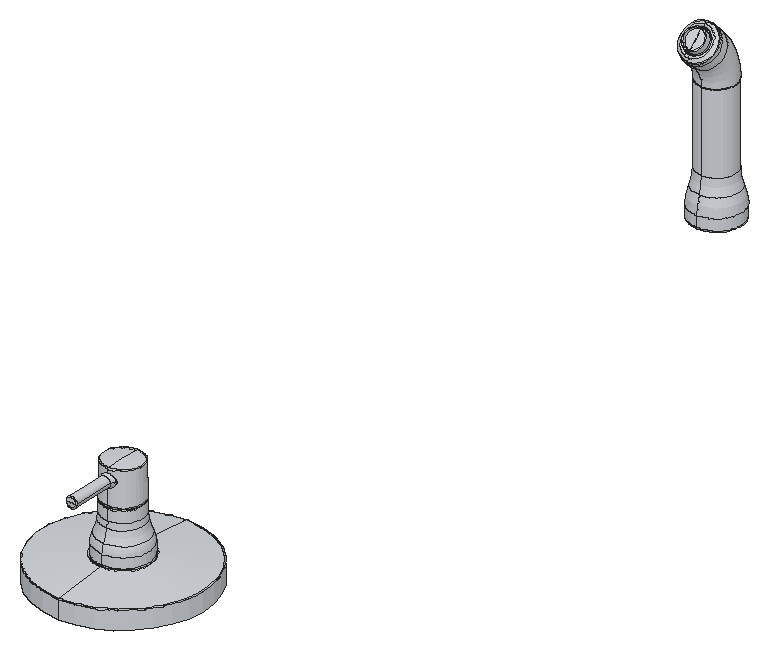
Revit family "Shower-Shower_Trim-KOHLER-Toobi-K-TLS8978", category Plumbing Fixtures, host Face, Revit 2015
Parameters (values of type "CP-Polished Chrome")
  Width = 6 1/2"  # constant formula
  Waste Water Outlet = "Waste Water Outlet"  # constant formula
  Waste Connection = 1 = 0  # no
  Vent Connection = 1 = 0  # no
  URL = "https://www.us.kohler.com/us/"
  Type = 1
  Distance To Showerarm [instance] = 30"
  Product Page URL = "http://www.us.kohler.com/us/catalog/productDetails.jsp?productNumber=TLS8978-4"
  Product Name = "Toobi"  # constant formula
  Product Documentation Link = "https://www.us.kohler.com/webassets/kpna/catalog/pdf/en/K-TLS8978-4_spec.pdf"
  Panel Thickness = 0"
  Model = if(Type = 1, "K-TLS8978-4-CP", if(Type = 2, "K-TLS8978-4-BN", "NA"))  # "K-TLS8978-4-CP"
  Material = "Premium Metal Construction"  # constant formula
  MasterFormat 2004 = "22.41.23"  # constant formula
  MasterFormat 1995 = "15410"  # constant formula
  Manufacturer Address = "444 Highland Dr, Kohler, WI 53044"  # constant formula
  Manufacturer = "KOHLER Co."  # constant formula
  Length = 6 15/16"  # constant formula
  Tempered Water Inlet = "Tempered Water Inlet"  # constant formula
  Height = 6 1/2"  # constant formula
  HW Connection = 1 = 1  # yes
  Finish = Kohler-Metal-CP-Polished_Chrome
  Environmental Product Declaration = ""
  Drain Included = 1 = 0  # no
  Description = "Rite-Temp shower trim set, less showerhead"  # constant formula
  Default Elevation = 42"
  Declare Label = ""
  Date Modified = "01/21/2019"  # constant formula
  Date Created = "01/21/2019"  # constant formula
  Copyright = "Copyright KOHLER Co."  # constant formula
  Contact Us = "https://www.us.kohler.com/us/static/contact.jsp"
  Cold Water Inlet = "Cold Water Inlet"  # constant formula
  CW Connection = 1 = 0  # no
  Assembly Code = "D2010700"
  ADA Compliant = 1 = 1  # yes
Types (3): name | Type | Model | Finish
  (no name) | 1 | "K-TLS8978-4-CP" | Kohler-Metal-CP-Polished_Chrome
  CP-Polished Chrome | 1 | "K-TLS8978-4-CP" | Kohler-Metal-CP-Polished_Chrome
  BN-Vibrant Brushed Nickel | 2 | "K-TLS8978-4-BN" | Kohler-Metal-BN-Vibrant_Brushed_Nickel
Reference planes (in)
  plane 1 "Center (Front/Back)": y = 0
  plane 2: z = 0
  plane 3 "Center (Left/Right)": x = 0
  plane 4: y = 30
  plane 5: x = -3.25
  plane 6: x = 3.25
  plane 7: y = -3.25
  plane 8: y = 3.25
  plane 9: z = 6.9375
Dimensions and locks (in)
  "Distance To Showerarm": plane 1 "Center (Front/Back)" to plane 4
  "Width": plane 5 to plane 6
  "Height": plane 8 to plane 7
  "Length": plane 9 to plane 2
  aligned and locked: host face to plane 2
  aligned and locked: host face to level
  aligned and locked: nested 2 to plane 4
Automatic sketch dimensions
  host sketch curve to host sketch curve = 96"  (x2)
Nested families (in)
  nested 1: "K-TLS8978-4_Handle" at (0, 0, 0), type "K-TLS8978-4_Handle"
  nested 2: "K-TLS8978-4_Shower arm" at (0, 30, 0), type "K-TLS8978-4_Shower arm"
Connectors (in)
  piping at (0, 30, 0), diameter 0.5, driven by "HW Connection", driven by "Tempered Water Inlet"
    settings: on nested 2, index 1, connector inside diameter 24", connector length 0", flow factor 0, pipe flow 0 GPM, pressure drop 0.00 psi, fitting loss kfactor 0, connector angle 0.00°, fixture units 0, engagement length 0", angle of deflection 0.00°, flow configuration 0, flow direction 1, fitting loss method 0, system type 19, joint type 0, gender type 0, connector reference index -1, connector utility 1, adjustable connector no, is connector primary yes, connector description "Tempered Water Inlet"
Definition of nested family "K-TLS8978-4_Handle"
  Parameters (values of type "K-TLS8978-4_Handle")
    Material = none
  Reference planes (in)
    plane 1 "Center (Front/Back)": y = 0
    plane 2: z = 0
    plane 3 "Center (Left/Right)": x = 0
    plane 4: x = -3.25
    plane 5: x = 3.25
    plane 6: y = 3.25
    plane 7: y = -3.25
    plane 8: y = -2.625
    plane 9: z = 4.4375
  Forms (in)
    Revolve 1, solid, material <- "Material", detail levels medium+fine
      sketch origin (0, 0, 0) x (0, 1, 0) y (0, 0, 1)
        loop
          line (0, 0) -> (0, 4.4375)
          arc (0, 4.4375) -> (-0.37282, 4.42622) -> (-0.74427, 4.39242) r 6.16662
          arc (-0.74427, 4.39242) -> (-0.75801, 4.38528) -> (-0.76369, 4.37088) r 0.02209
          line (-0.76369, 4.37088) -> (-0.78714, 3.02787)
          arc (-0.78714, 3.02787) -> (-0.78126, 3.01314) -> (-0.76662, 3.007) r 0.02051
          line (-0.76662, 3.007) -> (-0.68374, 3.007)
          arc (-0.68374, 3.007) -> (-0.69835, 2.98674) -> (-0.7221, 2.979) r 0.04027
          line (-0.7221, 2.979) -> (-0.75776, 2.979)
          arc (-0.75776, 2.979) -> (-0.77897, 2.97032) -> (-0.78802, 2.94927) r 0.03026
          line (-0.78802, 2.94927) -> (-0.79573, 2.50763)
          arc (-0.79573, 2.50763) -> (-0.80172, 2.37529) -> (-0.81504, 2.24348) r 2.38655
          arc (-0.81504, 2.24348) -> (-0.86882, 1.99279) -> (-0.96323, 1.75441) r 1.54891
          arc (-0.96323, 1.75441) -> (-1.02768, 1.57746) -> (-1.05174, 1.39068) r 0.85296
          line (-1.05174, 1.39068) -> (-1.05855, 1.00005)
          arc (-1.05855, 1.00005) -> (-1.05741, 0.95127) -> (-1.0523, 0.90274) r 0.59813
          arc (-1.0523, 0.90274) -> (-1.07326, 0.94941) -> (-1.12132, 0.96693) r 0.06574
          arc (-1.12132, 0.96693) -> (-2.17762, 0.88722) -> (-3.22856, 0.75437) r 21.00602
          arc (-3.22856, 0.75437) -> (-3.2439, 0.74587) -> (-3.25, 0.72942) r 0.02523
          line (-3.25, 0.72942) -> (-3.25, 0) -> (0, 0)
        axis (0, 4.4375) -> (0, 0)
      angle from 0 to 360
    Revolve 2, solid, material <- "Material", detail levels medium+fine
      sketch origin (0, 0, 3.95206) x (1, 0, 0) y (0, 1, 0)
        loop
          line (-0.21, -0.925) -> (-0.21, -2.58764)
          arc (-0.21, -2.58764) -> (-0.20445, -2.60262) -> (-0.19049, -2.61039) r 0.02302
          arc (-0.19049, -2.61039) -> (-0.09552, -2.62134) -> (0, -2.625) r 1.24916
          line (0, -2.625) -> (0, -0.61236) -> (-0.4155, -0.61236)
          arc (-0.4155, -0.61236) -> (-0.34605, -0.6697) -> (-0.2828, -0.73382) r 0.88379
          arc (-0.2828, -0.73382) -> (-0.22882, -0.82271) -> (-0.21, -0.925) r 0.28744
        axis (0, -2.625) -> (0, -0.61236)
      angle from 0 to 360
    Revolve 3, solid, material <- "Material", detail levels coarse
      sketch origin (0, 0, 0) x (0, 1, 0) y (0, 0, 1)
        loop
          line (0, 4.4375) -> (-1.07089, 4.4375) -> (-1.07089, 1) -> (-3.25, 1) -> (-3.25, 0) -> (0, 0) -> (0, 4.4375)
        axis (0, 4.4375) -> (0, 0)
      angle from 0 to 360
    Extrusion 4, solid, material <- "Material", detail levels coarse
      sketch origin (0, 0, 0) x (1, 0, 0) y (0, 0, 1)
        loop
          circle (0, 3.96103) r 0.25
      from 0.64258 to 2.63241
  Cuts and joins
    joined: Revolve 1, Revolve 2
    joined: Revolve 3, Extrusion 4
  Lines and regions (in)
    Masking region 1
      outline origin (0, 0, 0) x (0, 1, 0) y (0, 0, 1)
        loop
          line (0, 0) -> (3.25, 0) -> (3.25, 0.7275)
          arc (3.25, 0.7275) -> (3.24343, 0.74539) -> (3.22677, 0.75464) r 0.02734
          arc (3.22677, 0.75464) -> (2.17766, 0.88722) -> (1.1232, 0.96684) r 21.00602
          line (1.1232, 0.96684) -> (1.05913, 0.96684) -> (1.05174, 1.39068)
          arc (1.05174, 1.39068) -> (1.02768, 1.57746) -> (0.96323, 1.75441) r 0.85296
          arc (0.96323, 1.75441) -> (0.86882, 1.99279) -> (0.81504, 2.24348) r 1.54891
          arc (0.81504, 2.24348) -> (0.80172, 2.37529) -> (0.79573, 2.50763) r 2.38655
          line (0.79573, 2.50763) -> (0.78802, 2.94927)
          arc (0.78802, 2.94927) -> (0.77897, 2.97032) -> (0.75776, 2.979) r 0.03026
          line (0.75776, 2.979) -> (0.7221, 2.979)
          arc (0.7221, 2.979) -> (0.69835, 2.98674) -> (0.68374, 3.007) r 0.04027
          line (0.68374, 3.007) -> (0.76662, 3.007)
          arc (0.76662, 3.007) -> (0.78126, 3.01314) -> (0.78714, 3.02787) r 0.02051
          line (0.78714, 3.02787) -> (0.76369, 4.37088)
          arc (0.76369, 4.37088) -> (0.75801, 4.38528) -> (0.74427, 4.39242) r 0.02209
          arc (0.74427, 4.39242) -> (0.37282, 4.42622) -> (0, 4.4375) r 6.16662
          arc (0, 4.4375) -> (-0.37282, 4.42622) -> (-0.74427, 4.39242) r 6.16662
          arc (-0.74427, 4.39242) -> (-0.75801, 4.38528) -> (-0.76369, 4.37088) r 0.02209
          line (-0.76369, 4.37088) -> (-0.76651, 4.2097)
          arc (-0.76651, 4.2097) -> (-0.83892, 4.17582) -> (-0.91768, 4.16206) r 0.30295
          line (-0.91768, 4.16206) -> (-2.58809, 4.16206)
          arc (-2.58809, 4.16206) -> (-2.60258, 4.15671) -> (-2.6101, 4.14322) r 0.02228
          arc (-2.6101, 4.14322) -> (-2.62127, 4.04793) -> (-2.625, 3.95206) r 1.23419
          arc (-2.625, 3.95206) -> (-2.62127, 3.85618) -> (-2.6101, 3.76089) r 1.23419
          arc (-2.6101, 3.76089) -> (-2.60258, 3.74741) -> (-2.58809, 3.74206) r 0.02228
          line (-2.58809, 3.74206) -> (-0.90181, 3.74206)
          arc (-0.90181, 3.74206) -> (-0.8127, 3.70469) -> (-0.77689, 3.61494) r 0.12494
          line (-0.77689, 3.61494) -> (-0.78714, 3.02787)
          arc (-0.78714, 3.02787) -> (-0.78126, 3.01314) -> (-0.76662, 3.007) r 0.02051
          line (-0.76662, 3.007) -> (-0.68374, 3.007)
          arc (-0.68374, 3.007) -> (-0.69835, 2.98674) -> (-0.7221, 2.979) r 0.04027
          line (-0.7221, 2.979) -> (-0.75776, 2.979)
          arc (-0.75776, 2.979) -> (-0.77897, 2.97032) -> (-0.78802, 2.94927) r 0.03026
          line (-0.78802, 2.94927) -> (-0.79573, 2.50763)
          arc (-0.79573, 2.50763) -> (-0.80172, 2.37529) -> (-0.81504, 2.24348) r 2.38655
          arc (-0.81504, 2.24348) -> (-0.86882, 1.99279) -> (-0.96323, 1.75441) r 1.54891
          arc (-0.96323, 1.75441) -> (-1.02768, 1.57746) -> (-1.05174, 1.39068) r 0.85296
          line (-1.05174, 1.39068) -> (-1.05913, 0.96684) -> (-1.1232, 0.96684)
          arc (-1.1232, 0.96684) -> (-2.1776, 0.88723) -> (-3.22666, 0.75466) r 21.00602
          arc (-3.22666, 0.75466) -> (-3.24336, 0.7454) -> (-3.25, 0.7275) r 0.02747
          line (-3.25, 0.7275) -> (-3.25, 0) -> (0, 0)
    Masking region 2
      outline origin (0, 0, 0) x (1, 0, 0) y (0, 0, 1)
        loop
          line (0, 0) -> (3.25, 0) -> (3.25, 0.72942)
          arc (3.25, 0.72942) -> (3.2439, 0.74587) -> (3.22856, 0.75437) r 0.02523
          arc (3.22856, 0.75437) -> (2.17762, 0.88722) -> (1.12132, 0.96693) r 21.00602
          line (1.12132, 0.96693) -> (1.05913, 0.96693) -> (1.05174, 1.39068)
          arc (1.05174, 1.39068) -> (1.02768, 1.57746) -> (0.96323, 1.75441) r 0.85296
          arc (0.96323, 1.75441) -> (0.86882, 1.99279) -> (0.81504, 2.24348) r 1.54891
          arc (0.81504, 2.24348) -> (0.80172, 2.37529) -> (0.79573, 2.50763) r 2.38655
          line (0.79573, 2.50763) -> (0.78802, 2.94927)
          arc (0.78802, 2.94927) -> (0.77897, 2.97032) -> (0.75776, 2.979) r 0.03026
          line (0.75776, 2.979) -> (0.7221, 2.979)
          arc (0.7221, 2.979) -> (0.69835, 2.98674) -> (0.68374, 3.007) r 0.04027
          line (0.68374, 3.007) -> (0.76662, 3.007)
          arc (0.76662, 3.007) -> (0.78126, 3.01314) -> (0.78714, 3.02787) r 0.02051
          line (0.78714, 3.02787) -> (0.76369, 4.37088)
          arc (0.76369, 4.37088) -> (0.75801, 4.38528) -> (0.74427, 4.39242) r 0.02209
          arc (0.74427, 4.39242) -> (0.37282, 4.42622) -> (0, 4.4375) r 6.16662
          arc (0, 4.4375) -> (-0.37282, 4.42622) -> (-0.74427, 4.39242) r 6.16662
          arc (-0.74427, 4.39242) -> (-0.75801, 4.38528) -> (-0.76369, 4.37088) r 0.02209
          line (-0.76369, 4.37088) -> (-0.78714, 3.02787)
          arc (-0.78714, 3.02787) -> (-0.78126, 3.01314) -> (-0.76662, 3.007) r 0.02051
          line (-0.76662, 3.007) -> (-0.68374, 3.007)
          arc (-0.68374, 3.007) -> (-0.69835, 2.98674) -> (-0.7221, 2.979) r 0.04027
          line (-0.7221, 2.979) -> (-0.75776, 2.979)
          arc (-0.75776, 2.979) -> (-0.77897, 2.97032) -> (-0.78802, 2.94927) r 0.03026
          line (-0.78802, 2.94927) -> (-0.79573, 2.50763)
          arc (-0.79573, 2.50763) -> (-0.80172, 2.37529) -> (-0.81504, 2.24348) r 2.38655
          arc (-0.81504, 2.24348) -> (-0.86882, 1.99279) -> (-0.96323, 1.75441) r 1.54891
          arc (-0.96323, 1.75441) -> (-1.02768, 1.57746) -> (-1.05174, 1.39068) r 0.85296
          line (-1.05174, 1.39068) -> (-1.05913, 0.96693) -> (-1.12132, 0.96693)
          arc (-1.12132, 0.96693) -> (-2.17762, 0.88722) -> (-3.22856, 0.75437) r 21.00602
          arc (-3.22856, 0.75437) -> (-3.2439, 0.74587) -> (-3.25, 0.72942) r 0.02523
          line (-3.25, 0.72942) -> (-3.25, 0) -> (0, 0)
    Masking region 3
      outline origin (0, 0, 0) x (1, 0, 0) y (0, 1, 0)
        loop
          arc (-3.25, 0) -> (-2.2981, -2.2981) -> (0, -3.25) r 3.25
          arc (0, -3.25) -> (2.2981, -2.2981) -> (3.25, 0) r 3.25
          arc (3.25, 0) -> (2.2981, 2.2981) -> (0, 3.25) r 3.25
          arc (0, 3.25) -> (-2.2981, 2.2981) -> (-3.25, 0) r 3.25
    symbolic lines, detail levels medium+fine
      curve 1: line (0, -3.25, 0.7275) -> (0, 3.25, 0.7275)
      curve 2: line (0, 1.05913, 0.96684) -> (0, -1.05913, 0.96684)
      curve 3: line (0, 0.68374, 3.007) -> (0, -0.68374, 3.007)
      curve 4: line (0, 0.7221, 2.979) -> (0, -0.7221, 2.979)
      curve 5: arc (0, -0.77689, 3.61494) -> (0, -0.73741, 3.91172) -> (0, -0.76651, 4.2097) r 1.30714
      curve 6: line (3.25, 0, 0.72942) -> (-3.25, 0, 0.72942)
      curve 7: line (1.05913, 0, 0.96693) -> (-1.05913, 0, 0.96693)
      curve 8: line (0.7221, 0, 2.979) -> (-0.7221, 0, 2.979)
      curve 9: line (0.68374, 0, 3.007) -> (-0.68374, 0, 3.007)
      curve 10: arc (0, 1.0523, 0) -> (-1.047, 0.10554, 0) -> (-0.21002, -1.03113, 0) r 1.0523
      curve 11: arc (0.21002, -1.03113, 0) -> (1.047, 0.10554, 0) -> (0, 1.0523, 0) r 1.0523
      curve 12: arc (0.28179, -0.73728, 0) -> (0, 0.78929, 0) -> (-0.28179, -0.73728, 0) r 0.78929
      curve 13: line (-0.21002, -0.93475, 0) -> (-0.21002, -2.58767, 0)
      curve 14: line (0.21002, -0.93475, 0) -> (0.21002, -2.58767, 0)
      curve 15: arc (-0.18993, -2.61097, 0) -> (-0.09522, -2.62149, 0) -> (0, -2.625, 0) r 1.29292
      curve 16: arc (-0.21002, -2.58767, 0) -> (-0.20431, -2.60306, 0) -> (-0.18993, -2.61097, 0) r 0.02356
      curve 17: arc (0.18993, -2.61097, 0) -> (0.09522, -2.62149, 0) -> (0, -2.625, 0) r 1.29292
      curve 18: arc (0.21002, -2.58767, 0) -> (0.20431, -2.60306, 0) -> (0.18993, -2.61097, 0) r 0.02356
      curve 19: arc (0.28179, -0.73728, 0) -> (0.22852, -0.82969, 0) -> (0.21002, -0.93475, 0) r 0.30757
      curve 20: arc (-0.28179, -0.73728, 0) -> (-0.22852, -0.82969, 0) -> (-0.21002, -0.93475, 0) r 0.30757
  Dimensions and locks (in)
    locked: plane 4 to plane 5 at 6.5
    locked: plane 6 to plane 7 at 6.5
    locked: plane 1 "Center (Front/Back)" to plane 8 at 2.625
    locked: plane 9 to plane 2 at 4.4375
    aligned and locked: plane 2 to level
Definition of nested family "K-TLS8978-4_Shower arm"
  Parameters (values of type "K-TLS8978-4_Shower arm")
    Material = none
  Reference planes (in)
    plane 1 "Center (Front/Back)": y = 0
    plane 2: z = 0
    plane 3 "Center (Left/Right)": x = 0
    plane 4: x = -1
    plane 5: x = 1
    plane 6: z = 6.9375
    plane 7: y = 1
    plane 8: y = -1
    plane 9: y = -1.125
  Forms (in)
    Revolve 1, solid, material <- "Material", detail levels medium+fine
      sketch origin (0, -10, 0) x (0, 1, 0) y (0, 0, 1)
        loop
          line (10, 0) -> (10, 4.99952) -> (9.252, 4.99952) -> (9.252, 1.80357)
          arc (9.252, 1.80357) -> (9.22139, 1.47725) -> (9.13063, 1.16231) r 1.75475
          arc (9.13063, 1.16231) -> (9.03294, 0.82335) -> (9, 0.47213) r 1.88858
          line (9, 0.47213) -> (9, 0.02089)
          arc (9, 0.02089) -> (9.00612, 0.00612) -> (9.02089, 0) r 0.02089
          line (9.02089, 0) -> (10, 0)
        axis (10, 4.99952) -> (10, 0)
      angle from 0 to 360
    Sweep 2, solid, material <- "Material", detail levels medium+fine
      path origin (0, -10, 0) x (0, 1, 0) y (0, 0, 1)
        loop
          line (10, 4.99952) -> (10, 5.04001)
          arc (10, 5.04001) -> (9.8612, 5.7378) -> (9.46593, 6.32936) r 1.82341
          line (9.46593, 6.32936) -> (9.20881, 6.58648)
      profile origin (0, 0, 5.01976) x (0, -1, 0) y (1, 0, 0)
        loop
          circle (0, 0) r 0.748
    Revolve 3, solid, material <- "Material", detail levels medium+fine
      sketch origin (0, -10, 0) x (0, 1, 0) y (0, 0, 1)
        loop
          arc (9.60014, 7.23328) -> (9.52099, 7.22) -> (9.44252, 7.20314) r 1.76937
          arc (9.44252, 7.20314) -> (9.39997, 7.1623) -> (9.41485, 7.10523) r 0.05829
          line (9.41485, 7.10523) -> (9.44804, 7.07204) -> (9.3949, 7.01889) -> (9.32803, 7.08576) -> (9.17565, 7.23815) -> (9.14265, 7.20515) -> (9.2016, 7.1462) -> (8.92534, 6.86995) -> (9.20881, 6.58648) -> (9.73773, 7.11539) -> (9.62965, 7.22348)
          arc (9.62965, 7.22348) -> (9.61605, 7.23187) -> (9.60014, 7.23328) r 0.03471
        axis (9.20881, 6.58648) -> (8.8664, 6.9289)
      angle from 0 to 360
    Revolve 4, solid, material <- "Material", detail levels coarse
      sketch origin (0, 0, 0) x (0, 1, 0) y (0, 0, 1)
        loop
          line (0, 0) -> (0, 4.25) -> (-0.83204, 4.25) -> (-0.83204, 1.75) -> (-1, 1.75) -> (-1, 0) -> (0, 0)
        axis (0, 4.25) -> (0, 0)
      angle from 0 to 360
    Sweep 5, solid, material <- "Material", detail levels coarse
      path origin (0, 0, 0) x (0, 1, 0) y (0, 0, 1)
        loop
          line (-1.1336, 6.9289) -> (-0.4913, 6.28659)
          arc (-0.4913, 6.28659) -> (-0.12768, 5.7424) -> (0, 5.10049) r 1.67739
          line (0, 5.10049) -> (0, 4.25)
      profile origin (0, 0, 4.25) x (0, -1, 0) y (1, 0, 0)
        loop
          circle (0, 0) r 0.83204
    Extrusion 6, solid, material <- "Material", detail levels medium+fine
      sketch origin (0, 0, 0) x (1, 0, 0) y (0, 1, 0)
        loop
          circle (0, 0) r 0.25
      from 0 to 0.06418
  Cuts and joins
    joined: Revolve 1, Sweep 2, Revolve 3
    joined: Revolve 4, Sweep 5
  Lines and regions (in)
    Masking region 1
      outline origin (0, 0, 0) x (0, 1, 0) y (0, 0, 1)
        loop
          line (0, 0) -> (0.97911, 0)
          arc (0.97911, 0) -> (0.99388, 0.00612) -> (1, 0.02089) r 0.02089
          line (1, 0.02089) -> (1, 0.47213)
          arc (1, 0.47213) -> (0.96706, 0.82335) -> (0.86937, 1.16231) r 1.88858
          arc (0.86937, 1.16231) -> (0.77861, 1.47725) -> (0.748, 1.80357) r 1.75475
          line (0.748, 1.80357) -> (0.748, 4.99952)
          arc (0.748, 4.99952) -> (0.56157, 6.00372) -> (-0.00224, 6.85536) r 2.56276
          line (-0.00224, 6.85536) -> (-0.37037, 7.2235)
          arc (-0.37037, 7.2235) -> (-0.38397, 7.23189) -> (-0.39988, 7.2333) r 0.03471
          arc (-0.39988, 7.2333) -> (-0.47903, 7.22002) -> (-0.5575, 7.20316) r 1.76937
          arc (-0.5575, 7.20316) -> (-0.57224, 7.19743) -> (-0.5849, 7.18795) r 0.05829
          line (-0.5849, 7.18795) -> (-0.67953, 7.09332) -> (-0.82435, 7.23815) -> (-1.44286, 6.61964) -> (-1.29803, 6.47482) -> (-1.39266, 6.38019)
          arc (-1.39266, 6.38019) -> (-1.40214, 6.36753) -> (-1.40787, 6.35279) r 0.05829
          arc (-1.40787, 6.35279) -> (-1.42473, 6.27432) -> (-1.43801, 6.19517) r 1.76937
          arc (-1.43801, 6.19517) -> (-1.4366, 6.17926) -> (-1.42821, 6.16566) r 0.03471
          line (-1.42821, 6.16566) -> (-1.0652, 5.80266)
          arc (-1.0652, 5.80266) -> (-0.82326, 5.43401) -> (-0.748, 4.99952) r 1.08503
          line (-0.748, 4.99952) -> (-0.748, 1.80357)
          arc (-0.748, 1.80357) -> (-0.77861, 1.47725) -> (-0.86937, 1.16231) r 1.75475
          arc (-0.86937, 1.16231) -> (-0.96706, 0.82335) -> (-1, 0.47213) r 1.88858
          line (-1, 0.47213) -> (-1, 0.02089)
          arc (-1, 0.02089) -> (-0.99388, 0.00612) -> (-0.97911, 0) r 0.02089
          line (-0.97911, 0) -> (0, 0)
    Masking region 2
      outline origin (0, 0, 0) x (1, 0, 0) y (0, 0, 1)
        loop
          line (0, 0) -> (0.97911, 0)
          arc (0.97911, 0) -> (0.99388, 0.00612) -> (1, 0.02089) r 0.02089
          line (1, 0.02089) -> (1, 0.47213)
          arc (1, 0.47213) -> (0.96706, 0.82335) -> (0.86937, 1.16231) r 1.88858
          arc (0.86937, 1.16231) -> (0.77861, 1.47725) -> (0.748, 1.80357) r 1.75475
          line (0.748, 1.80357) -> (0.748, 6.71654)
          arc (0.748, 6.71654) -> (0.71425, 6.85677) -> (0.63749, 6.97889) r 0.44589
          arc (0.63749, 6.97889) -> (0.53819, 7.0704) -> (0.42232, 7.13974) r 0.65884
          arc (0.42232, 7.13974) -> (0.28757, 7.19112) -> (0.14684, 7.22257) r 0.99875
          arc (0.14684, 7.22257) -> (0, 7.2386) -> (-0.14684, 7.22257) r 0.68013
          arc (-0.14684, 7.22257) -> (-0.28757, 7.19112) -> (-0.42232, 7.13974) r 0.99875
          arc (-0.42232, 7.13974) -> (-0.53819, 7.0704) -> (-0.63749, 6.97889) r 0.65884
          arc (-0.63749, 6.97889) -> (-0.71425, 6.85677) -> (-0.748, 6.71654) r 0.44589
          line (-0.748, 6.71654) -> (-0.748, 1.80357)
          arc (-0.748, 1.80357) -> (-0.77861, 1.47725) -> (-0.86937, 1.16231) r 1.75475
          arc (-0.86937, 1.16231) -> (-0.96706, 0.82335) -> (-1, 0.47213) r 1.88858
          line (-1, 0.47213) -> (-1, 0.02089)
          arc (-1, 0.02089) -> (-0.99388, 0.00612) -> (-0.97911, 0) r 0.02089
          line (-0.97911, 0) -> (0, 0)
    Masking region 3
      outline origin (0, 0, 0) x (1, 0, 0) y (0, 1, 0)
        loop
          arc (-1, 0) -> (-0.93488, -0.35497) -> (-0.748, -0.6637) r 1
          line (-0.748, -0.6637) -> (-0.748, -0.94768)
          arc (-0.748, -0.94768) -> (-0.73022, -1.05975) -> (-0.67861, -1.1608) r 0.36199
          arc (-0.67861, -1.1608) -> (-0.56842, -1.28836) -> (-0.42666, -1.37957) r 0.5902
          arc (-0.42666, -1.37957) -> (-0.21832, -1.44892) -> (0, -1.47239) r 1.027
          arc (0, -1.47239) -> (0.21832, -1.44892) -> (0.42666, -1.37957) r 1.027
          arc (0.42666, -1.37957) -> (0.56842, -1.28836) -> (0.67861, -1.1608) r 0.5902
          arc (0.67861, -1.1608) -> (0.73022, -1.05975) -> (0.748, -0.94768) r 0.36199
          line (0.748, -0.94768) -> (0.748, -0.6637)
          arc (0.748, -0.6637) -> (0.93488, -0.35497) -> (1, 0) r 1
          arc (1, 0) -> (0.70711, 0.70711) -> (0, 1) r 1
          arc (0, 1) -> (-0.70711, 0.70711) -> (-1, 0) r 1
    symbolic lines, detail levels medium+fine
      curve 1: line (-0.748, -0.6637, 0) -> (-0.748, 0, 0)
      curve 2: line (0.748, -0.6637, 0) -> (0.748, 0, 0)
      curve 3: arc (-0.748, 0, 0) -> (0, 0.748, 0) -> (0.748, 0, 0) r 0.748
      curve 4: line (0.43735, -0.96519, 0) -> (0.43735, -1.13719, 0)
      curve 5: spline (0, -1.44286, 0) -> (-0.04028, -1.44154, 0) -> (-0.08021, -1.43761, 0) -> (-0.11947, -1.4311, 0) -> (-0.15771, -1.42205, 0) -> (-0.1946, -1.41056, 0) -> (-0.22985, -1.39671, 0) -> (-0.26314, -1.38062, 0) -> (-0.29419, -1.36243, 0) -> (-0.32274, -1.3423, 0) -> (-0.34855, -1.3204, 0) -> (-0.3714, -1.29691, 0) -> (-0.39109, -1.27203, 0)
      curve 6: arc (-0.39109, -1.27203, 0) -> (-0.42374, -1.20843, 0) -> (-0.4373, -1.13823, 0) r 0.25306
      curve 7: spline (0, -1.44286, 0) -> (0.04028, -1.44154, 0) -> (0.08021, -1.43761, 0) -> (0.11947, -1.4311, 0) -> (0.15771, -1.42205, 0) -> (0.1946, -1.41056, 0) -> (0.22985, -1.39671, 0) -> (0.26314, -1.38062, 0) -> (0.29419, -1.36243, 0) -> (0.32274, -1.3423, 0) -> (0.34855, -1.3204, 0) -> (0.3714, -1.29691, 0) -> (0.39109, -1.27203, 0)
      curve 8: arc (0.39109, -1.27203, 0) -> (0.42391, -1.20793, 0) -> (0.43735, -1.13719, 0) r 0.25306
      curve 9: spline (-0.4373, -1.13823, 0) -> (-0.43435, -1.09745, 0) -> (-0.42382, -1.05729, 0) -> (-0.40591, -1.01847, 0) -> (-0.38092, -0.98166, 0) -> (-0.34928, -0.94749, 0) -> (-0.31156, -0.91657, 0) -> (-0.2684, -0.88944, 0) -> (-0.22056, -0.86656, 0) -> (-0.16888, -0.84834, 0) -> (-0.11425, -0.83509, 0) -> (-0.05763, -0.82705, 0) -> (0, -0.82435, 0)
      curve 10: spline (0.43735, -1.1336, 0) -> (0.43361, -1.09324, 0) -> (0.42245, -1.05356, 0) -> (0.40406, -1.01526, 0) -> (0.37876, -0.97898, 0) -> (0.34697, -0.94534, 0) -> (0.30925, -0.91493, 0) -> (0.26624, -0.88826, 0) -> (0.21867, -0.86578, 0) -> (0.16737, -0.84789, 0) -> (0.11319, -0.83489, 0) -> (0.05709, -0.827, 0) -> (0, -0.82435, 0)
      curve 11: line (0, -0.67953, 7.09332) -> (0, -1.29803, 6.47482)
      curve 12: line (0, -0.39988, 7.2333) -> (0, -1.43801, 6.19517)
      curve 13: line (0, -0.80369, 7.21748) -> (0, -1.42219, 6.59898)
      curve 14: line (0, -0.77607, 7.18986) -> (0, -1.39457, 6.57136)
      curve 15: line (0, -0.74845, 7.16224) -> (0, -1.36695, 6.54374)
      curve 16: line (0, -0.72083, 7.13462) -> (0, -1.33933, 6.51612)
      curve 17: line (-0.4373, -1.13823, 0) -> (-0.4373, -0.88823, 0)
      curve 18: line (0.4373, -1.13823, 0) -> (0.4373, -0.88823, 0)
      curve 19: spline (-0.4373, -0.88823, 0) -> (-0.4224, -0.81495, 0) -> (-0.37871, -0.74667, 0) -> (-0.30922, -0.68803, 0) -> (-0.21865, -0.64303, 0) -> (-0.11318, -0.61475, 0) -> (0, -0.6051, 0) -> (0.11318, -0.61475, 0) -> (0.21865, -0.64303, 0) -> (0.30922, -0.68803, 0) -> (0.37871, -0.74667, 0) -> (0.4224, -0.81495, 0) -> (0.4373, -0.88823, 0)
      curve 20: spline (-0.4373, -1.04598, 0) -> (-0.41988, -0.97449, 0) -> (-0.37385, -0.9089, 0) -> (-0.30234, -0.8537, 0) -> (-0.21022, -0.81265, 0) -> (-0.10378, -0.78853, 0) -> (0.00974, -0.78301, 0) -> (0.1226, -0.79644, 0) -> (0.2271, -0.82792, 0) -> (0.31613, -0.8753, 0) -> (0.38362, -0.93536, 0) -> (0.42496, -1.00399, 0) -> (0.43735, -1.07653, 0)
      curve 21: spline (-0.4373, -1.00521, 0) -> (-0.41984, -0.93361, 0) -> (-0.37368, -0.86795, 0) -> (-0.30198, -0.81272, 0) -> (-0.20964, -0.77168, 0) -> (-0.10297, -0.74765, 0) -> (0.01074, -0.74227, 0) -> (0.12372, -0.7559, 0) -> (0.22824, -0.78761, 0) -> (0.31716, -0.83524, 0) -> (0.38441, -0.89553, 0) -> (0.42539, -0.96436, 0) -> (0.4373, -1.03702, 0)
      curve 22: spline (-0.4373, -0.96914, 0) -> (-0.41988, -0.89765, 0) -> (-0.37385, -0.83206, 0) -> (-0.30234, -0.77686, 0) -> (-0.21022, -0.73581, 0) -> (-0.10378, -0.71169, 0) -> (0.00974, -0.70616, 0) -> (0.1226, -0.7196, 0) -> (0.2271, -0.75108, 0) -> (0.31613, -0.79846, 0) -> (0.38362, -0.85852, 0) -> (0.42496, -0.92715, 0) -> (0.43735, -0.99969, 0)
      curve 23: spline (-0.4373, -0.93464, 0) -> (-0.41988, -0.86315, 0) -> (-0.37385, -0.79756, 0) -> (-0.30234, -0.74236, 0) -> (-0.21022, -0.70131, 0) -> (-0.10378, -0.67719, 0) -> (0.00974, -0.67166, 0) -> (0.1226, -0.6851, 0) -> (0.2271, -0.71658, 0) -> (0.31613, -0.76396, 0) -> (0.38362, -0.82402, 0) -> (0.42496, -0.89265, 0) -> (0.43735, -0.96519, 0)
      curve 24: arc (-0.45924, -0.49577, 0) -> (-0.23698, -0.40831, 0) -> (0, -0.37854, 0) r 0.95813
      curve 25: arc (-0.748, -0.82337, 0) -> (-0.63245, -0.63415, 0) -> (-0.45924, -0.49577, 0) r 0.63946
      curve 26: arc (-0.29747, -0.60983, 0) -> (-0.15153, -0.56656, 0) -> (0, -0.55196, 0) r 0.79345
      curve 27: arc (-0.50901, -0.77367, 0) -> (-0.41457, -0.67713, 0) -> (-0.29747, -0.60983, 0) r 0.4932
      curve 28: arc (-0.57123, -0.95618, 0) -> (-0.55431, -0.86009, 0) -> (-0.50901, -0.77367, 0) r 0.31748
      curve 29: arc (-0.52768, -1.11172, 0) -> (-0.56093, -1.03716, 0) -> (-0.57123, -0.95618, 0) r 0.27961
      curve 30: arc (-0.39109, -1.27203, 0) -> (-0.46499, -1.19665, 0) -> (-0.52768, -1.11172, 0) r 0.75645
      curve 31: arc (0.45924, -0.49577, 0) -> (0.23698, -0.40831, 0) -> (0, -0.37854, 0) r 0.95813
      curve 32: arc (0.748, -0.82337, 0) -> (0.63245, -0.63415, 0) -> (0.45924, -0.49577, 0) r 0.63946
      curve 33: arc (0.29747, -0.60983, 0) -> (0.15153, -0.56656, 0) -> (0, -0.55196, 0) r 0.79345
      curve 34: arc (0.50901, -0.77367, 0) -> (0.41457, -0.67713, 0) -> (0.29747, -0.60983, 0) r 0.4932
      curve 35: arc (0.57123, -0.95618, 0) -> (0.55431, -0.86009, 0) -> (0.50901, -0.77367, 0) r 0.31748
      curve 36: arc (0.52768, -1.11172, 0) -> (0.56093, -1.03716, 0) -> (0.57123, -0.95618, 0) r 0.27961
      curve 37: arc (0.39109, -1.27203, 0) -> (0.46499, -1.19665, 0) -> (0.52768, -1.11172, 0) r 0.75645
      curve 38: spline (0, -1.40986, 0) -> (-0.10112, -1.40045, 0) -> (-0.19534, -1.37285, 0) -> (-0.27626, -1.32895, 0) -> (-0.33834, -1.27173, 0) -> (-0.37737, -1.20511, 0) -> (-0.39069, -1.1336, 0) -> (-0.37737, -1.0621, 0) -> (-0.33834, -0.99548, 0) -> (-0.27626, -0.93826, 0) -> (-0.19534, -0.89436, 0) -> (-0.10112, -0.86676, 0) -> (0, -0.85735, 0)
      curve 39: spline (0, -0.85735, 0) -> (0.10112, -0.86676, 0) -> (0.19534, -0.89436, 0) -> (0.27626, -0.93826, 0) -> (0.33834, -0.99548, 0) -> (0.37737, -1.0621, 0) -> (0.39069, -1.1336, 0) -> (0.37737, -1.20511, 0) -> (0.33834, -1.27173, 0) -> (0.27626, -1.32895, 0) -> (0.19534, -1.37285, 0) -> (0.10112, -1.40045, 0) -> (0, -1.40986, 0)
      curve 40: spline (0, -1.35091, 0) -> (-0.0473, -1.34888, 0) -> (-0.09391, -1.34281, 0) -> (-0.13914, -1.3328, 0) -> (-0.18232, -1.31899, 0) -> (-0.22281, -1.30158, 0) -> (-0.26003, -1.28084, 0) -> (-0.29342, -1.25706, 0) -> (-0.3225, -1.23059, 0) -> (-0.34683, -1.20184, 0) -> (-0.36605, -1.17121, 0) -> (-0.37989, -1.13916, 0) -> (-0.38814, -1.10616, 0)
      curve 41: spline (0, -1.35091, 0) -> (0.0473, -1.34888, 0) -> (0.09391, -1.34281, 0) -> (0.13914, -1.3328, 0) -> (0.18232, -1.31899, 0) -> (0.22281, -1.30158, 0) -> (0.26003, -1.28084, 0) -> (0.29342, -1.25706, 0) -> (0.3225, -1.23059, 0) -> (0.34683, -1.20184, 0) -> (0.36605, -1.17121, 0) -> (0.37989, -1.13916, 0) -> (0.38814, -1.10616, 0)
  Dimensions and locks (in)
    locked: plane 4 to plane 5 at 2
    locked: plane 6 to plane 2 at 6.9375
    locked: plane 7 to plane 8 at 2
    locked: plane 1 "Center (Front/Back)" to plane 9 at 1.125
    aligned and locked: plane 2 to level
